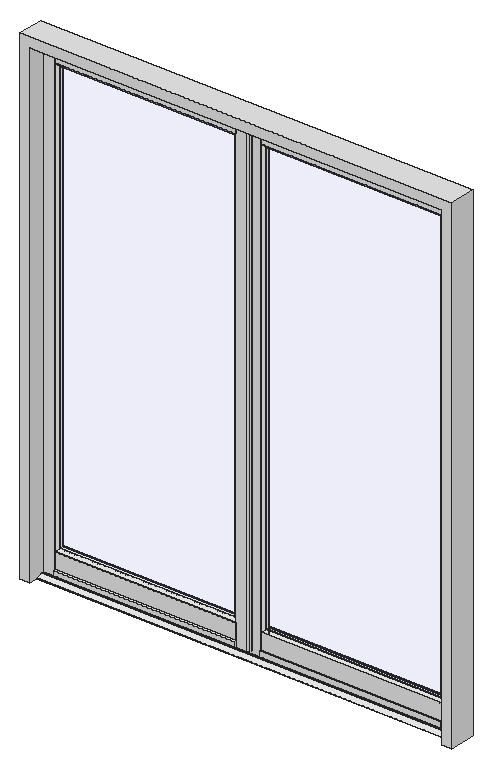
Revit family "kawneer-190-pr-frt-01_17312", category Doors, host Wall, Revit 2015
Parameters (values of type "(2)3' x 7' B.R. 3 7/8"")
  URL = "http://www.kawneer.com/kawneer/north_america/en/product.asp?cat_id=1339&prod_id=1816"
  Type Comments = "OFFSET PIVOT / BUTT HUNG"
  Thickness = 0' - 1 3/4"
  Rough Width = Width + 0' 4"  # 3' - 4"
  Rough Height = Height + 0' 2"  # 7' - 2"
  Product data url = "https://bimobject.com/kawneerna/product/16342"
  Operation = ""
  Opening Width = Width * 2  # 6' - 0"
  Model = "Pair 190 Narrow Stile Door Front Set B.R. 3 7/8\""
  Manufacturer = "Kawneer"
  Height = 7' - 0"
  Wall Closure = By host
  Width = 3' - 0"
  Function = Interior
  Door Panel = Kawneer - Fluropon_Bone White-391X035
  Door Glazing = Glass
  Door Frame = Kawneer - Fluropon_Bone White-391X035
  Description = "The 190 Narrow Stile Entrance is enginResults in a slim look that meets virtually all construction requirements\r\neered for moderate traffic in applications such as stores, offices and apartment buildings. Vertical stile measures 2-1/8\" (54); top rail 2-1/4\" (57.2) and bottom rail 3-7/8\" (98.4).  "
  Bottom Rail Height = 0' - 3 7/8"
  Assembly Code = "B2030110"
Types (2): name | Model | Bottom Rail Height
  (2)3' x 7' B.R. 3 7/8" | "Pair 190 Narrow Stile Door Front Set B.R. 3 7/8\"" | 0' - 3 7/8"
  (2)3' x 7' B.R. 7 1/2" | "Pair 190 Narrow Stile Door Front Set B.R. 7 1/2\"" | 0' - 7 1/2"
Reference planes (in)
  plane 1: y = 0
  plane 2 "Center": x = 0
  plane 3 "Left": x = -36
  plane 4 "Right": x = 36
  plane 5 "Top": z = 84
  plane 6 "Glass center": y = 1.375
  plane 7: z = 4.5625
  plane 8: z = 0.6875
  plane 9: z = 84
Forms (in)
  Sweep 1, solid, material "Kawneer - Fluropon_Bone White-391X035" <- "Door Frame"
    path origin (-60, 3, 0) x (-1, 0, 0) y (0, 0, 1)
      loop
        line (-96, 0) -> (-96, 84) -> (-24, 84) -> (-24, 0)
    profile origin (0, 0, 42) x (1, 0, 0) y (0, 1, 0)
      loop
        line (38, 2.25) -> (36.25, 2.25) -> (36.25, -2.25) -> (38, -2.25) -> (38, 2.25)
  Extrusion 2, solid, material "Glass" <- "Door Glazing"
    sketch origin (0, 1.375, 0) x (1, 0, 0) y (0, 0, 1)
      loop
        line (34, 4.75) -> (34, 81.3125) -> (2.38178, 81.3125) -> (2.38178, 4.75) -> (34, 4.75)
    from 0 to 0.25
  Extrusion 3, solid, material "Kawneer - Fluropon_Bone White-391X035" <- "Door Panel"
    sketch origin (0, -0.25, 0) x (1, 0, 0) y (0, 1, 0)
      loop
        line (36.15625, 2.375) -> (34.03125, 2.375) -> (34.03125, 2.31012) -> (33.50125, 1.8705) -> (33.50125, 1.77617) -> (33.36756, 1.625) -> (34.03125, 1.625) -> (34.03125, 1.375) -> (33.3687, 1.375) -> (33.50125, 1.22377) -> (33.50125, 1.1295) -> (34.03125, 0.75) -> (34.03125, 0.625) -> (35.87752, 0.625)
        arc (35.87752, 0.625) -> (36.01034, 0.68002) -> (36.06535, 0.81283) r 0.18783
        line (36.06535, 0.81283) -> (36.15625, 2.375)
    from 0.6875 to 84
  Extrusion 4, solid, material "Kawneer - Fluropon_Bone White-391X035" <- "Door Panel"
    sketch origin (0, -0.25, 0) x (-1, 0, 0) y (0, -1, 0)
      loop
        line (36.16231, -2.375) -> (36.16231, -2.32812) -> (36.06415, -0.80831)
        arc (36.06415, -0.80831) -> (36.00961, -0.67664) -> (35.87793, -0.6221) r 0.18622
        line (35.87793, -0.6221) -> (34.03125, -0.6221) -> (34.03125, -0.68988) -> (33.51255, -1.1295) -> (33.51255, -1.22377) -> (33.37999, -1.375) -> (33.85505, -1.375) -> (33.85505, -1.625) -> (33.37886, -1.625) -> (33.51255, -1.77617) -> (33.51255, -1.8705) -> (34.03125, -2.31012) -> (34.03125, -2.375) -> (36.16231, -2.375)
    from 0.6875 to 84
  Extrusion 5, solid, material "Kawneer - Fluropon_Bone White-391X035" <- "Door Panel"
    sketch origin (0, -0.375, 0.15278) x (0, 1, 0) y (0, 0, 1)
      loop
        line (2.5, 0.53472) -> (2.5, 4.40972) -> (2.43512, 4.40972) -> (2.0085, 4.94203) -> (1.94736, 4.94203)
        arc (1.94736, 4.94203) -> (1.82437, 5.0178) -> (1.75, 5.14163) r 0.30526
        line (1.75, 5.14163) -> (1.75, 4.59722) -> (1.5, 4.59722) -> (1.5, 5.14163)
        arc (1.5, 5.14163) -> (1.42562, 5.0178) -> (1.30264, 4.94203) r 0.30526
        line (1.30264, 4.94203) -> (1.2675, 4.94203) -> (0.82596, 4.40972) -> (0.75, 4.40972) -> (0.75, 1.5921) -> (0.51155, 1.52781) -> (0.51155, 0.64322) -> (0.59155, 0.64322) -> (0.71055, 0.41022)
        arc (0.71055, 0.41022) -> (0.74752, 0.3939) -> (0.76384, 0.43087) r 0.02858
        line (0.76384, 0.43087) -> (0.68155, 0.64322) -> (0.75, 0.64322) -> (0.75, 0.53472) -> (0.888, 0.53472) -> (0.888, 1.25347) -> (2.388, 1.25347) -> (2.388, 0.53472) -> (2.5, 0.53472)
      loop
        line (0.901, 1.37847) -> (2.375, 1.37847) -> (2.375, 3.91072)
        arc (2.375, 3.91072) -> (2.25594, 3.92859) -> (2.201, 4.03572) r 0.1319
        line (2.201, 4.03572) -> (2.201, 4.22222) -> (1.075, 4.22222) -> (1.075, 4.03572)
        arc (1.075, 4.03572) -> (1.02006, 3.92859) -> (0.901, 3.91072) r 0.1319
        line (0.901, 3.91072) -> (0.901, 1.37847)
    from 2.19428 to 34.03125
  Extrusion 6, solid, material "Kawneer - Fluropon_Bone White-391X035" <- "Door Frame", detail levels medium+fine
    sketch origin (0, -0.375, 0) x (0, 1, 0) y (0, 0, 1)
      loop
        line (2.40824, 0.342) -> (2.82032, 0.342) -> (3.31016, 0.1166)
        arc (3.31016, 0.1166) -> (3.33645, 0.09372) -> (3.34624, 0.06027) r 0.062
        line (3.34624, 0.06027) -> (3.34624, 0) -> (3.62824, 0) -> (3.62824, 0.10205)
        arc (3.62824, 0.10205) -> (3.62318, 0.11931) -> (3.60962, 0.13112) r 0.032
        line (3.60962, 0.13112) -> (2.80798, 0.5) -> (2.67111, 0.5)
        arc (2.67111, 0.5) -> (2.63911, 0.468) -> (2.60711, 0.5) r 0.032
        line (2.60711, 0.5) -> (2.45311, 0.5)
        arc (2.45311, 0.5) -> (2.42111, 0.468) -> (2.38911, 0.5) r 0.032
        line (2.38911, 0.5) -> (2.25324, 0.5) -> (2.25324, 0.45) -> (1.00324, 0.45) -> (1.00324, 0.5) -> (0.86737, 0.5)
        arc (0.86737, 0.5) -> (0.83537, 0.468) -> (0.80337, 0.5) r 0.032
        line (0.80337, 0.5) -> (0.64937, 0.5)
        arc (0.64937, 0.5) -> (0.61737, 0.468) -> (0.58537, 0.5) r 0.032
        line (0.58537, 0.5) -> (0.4485, 0.5) -> (-0.35314, 0.13112)
        arc (-0.35314, 0.13112) -> (-0.36671, 0.11931) -> (-0.37176, 0.10205) r 0.032
        line (-0.37176, 0.10205) -> (-0.37176, 0) -> (-0.08976, 0) -> (-0.08976, 0.06027)
        arc (-0.08976, 0.06027) -> (-0.07997, 0.09372) -> (-0.05368, 0.1166) r 0.062
        line (-0.05368, 0.1166) -> (0.43616, 0.342) -> (0.84724, 0.342) -> (0.84724, 0.28492) -> (2.40824, 0.28492) -> (2.40824, 0.342)
    from -38 to 36.25
  Extrusion 7, solid, material "Kawneer - Fluropon_Bone White-391X035" <- "Door Panel"
    sketch origin (0, 1.25, 0) x (1, 0, 0) y (0, 1, 0)
      loop
        arc (0.22766, 0.875) -> (0.12658, 0.56805) -> (0.06928, 0.25) r 2.3125
        line (0.06928, 0.25) -> (0.25578, 0.25)
        arc (0.25578, 0.25) -> (0.31928, 0.312) -> (0.38178, 0.249) r 0.063
        line (0.38178, 0.249) -> (0.38178, -0.249)
        arc (0.38178, -0.249) -> (0.31928, -0.312) -> (0.25578, -0.25) r 0.063
        line (0.25578, -0.25) -> (0.06928, -0.25)
        arc (0.06928, -0.25) -> (0.12658, -0.56805) -> (0.22765, -0.875) r 2.3125
        line (0.22765, -0.875) -> (2.19428, -0.875) -> (2.19428, -0.81012) -> (2.72428, -0.3705) -> (2.72428, -0.30936)
        arc (2.72428, -0.30936) -> (2.78739, -0.19967) -> (2.88956, -0.125) r 0.30526
        line (2.88956, -0.125) -> (2.38178, -0.125) -> (2.38178, 0.125) -> (2.88956, 0.125)
        arc (2.88956, 0.125) -> (2.78739, 0.19967) -> (2.72428, 0.30936) r 0.30526
        line (2.72428, 0.30936) -> (2.72428, 0.3705) -> (2.19428, 0.81012) -> (2.19428, 0.875) -> (0.22766, 0.875)
    from 0.6875 to 84
  Extrusion 8, solid, material "Glass" <- "Door Glazing"
    sketch origin (0, 1.375, 0) x (-1, 0, 0) y (0, 0, -1)
      loop
        line (33.84375, -4.75) -> (2.38178, -4.75) -> (2.38178, -81.3125) -> (33.84375, -81.3125) -> (33.84375, -4.75)
    from 0 to 0.25
  Extrusion 9, solid, material "Kawneer - Fluropon_Bone White-391X035" <- "Door Panel"
    sketch origin (0, -0.375, 0.15278) x (0, 1, 0) y (0, 0, -1)
      loop
        line (2.5, -0.53472) -> (2.388, -0.53472) -> (2.388, -1.25347) -> (0.888, -1.25347) -> (0.888, -0.53472) -> (0.75, -0.53472) -> (0.75, -0.64322) -> (0.68155, -0.64322) -> (0.76384, -0.43087)
        arc (0.76384, -0.43087) -> (0.74752, -0.3939) -> (0.71055, -0.41022) r 0.02858
        line (0.71055, -0.41022) -> (0.59155, -0.64322) -> (0.51155, -0.64322) -> (0.51155, -1.52781) -> (0.75, -1.5921) -> (0.75, -4.40972) -> (0.82596, -4.40972) -> (1.2675, -4.94203) -> (1.30264, -4.94203)
        arc (1.30264, -4.94203) -> (1.42562, -5.0178) -> (1.5, -5.14163) r 0.30526
        line (1.5, -5.14163) -> (1.5, -4.59722) -> (1.75, -4.59722) -> (1.75, -5.14163)
        arc (1.75, -5.14163) -> (1.82437, -5.0178) -> (1.94736, -4.94203) r 0.30526
        line (1.94736, -4.94203) -> (2.0085, -4.94203) -> (2.43512, -4.40972) -> (2.5, -4.40972) -> (2.5, -0.53472)
      loop
        line (0.901, -1.37847) -> (0.901, -3.91072)
        arc (0.901, -3.91072) -> (1.02006, -3.92859) -> (1.075, -4.03572) r 0.1319
        line (1.075, -4.03572) -> (1.075, -4.22222) -> (2.201, -4.22222) -> (2.201, -4.03572)
        arc (2.201, -4.03572) -> (2.25594, -3.92859) -> (2.375, -3.91072) r 0.1319
        line (2.375, -3.91072) -> (2.375, -1.37847) -> (0.901, -1.37847)
    from 2.19428 to 34.03125
  Extrusion 10, solid, material "Kawneer - Fluropon_Bone White-391X035" <- "Door Panel"
    sketch origin (0, 1.25, 0) x (-1, 0, 0) y (0, -1, 0)
      loop
        line (0.22766, -0.875) -> (2.19428, -0.875) -> (2.19428, -0.81012) -> (2.72428, -0.3705) -> (2.72428, -0.30936)
        arc (2.72428, -0.30936) -> (2.78739, -0.19967) -> (2.88956, -0.125) r 0.30526
        line (2.88956, -0.125) -> (2.38178, -0.125) -> (2.38178, 0.125) -> (2.88956, 0.125)
        arc (2.88956, 0.125) -> (2.78739, 0.19967) -> (2.72428, 0.30936) r 0.30526
        line (2.72428, 0.30936) -> (2.72428, 0.3705) -> (2.19428, 0.81012) -> (2.19428, 0.875) -> (0.22765, 0.875)
        arc (0.22765, 0.875) -> (0.12658, 0.56805) -> (0.06928, 0.25) r 2.3125
        line (0.06928, 0.25) -> (0.25578, 0.25)
        arc (0.25578, 0.25) -> (0.31928, 0.312) -> (0.38178, 0.249) r 0.063
        line (0.38178, 0.249) -> (0.38178, -0.249)
        arc (0.38178, -0.249) -> (0.31928, -0.312) -> (0.25578, -0.25) r 0.063
        line (0.25578, -0.25) -> (0.06928, -0.25)
        arc (0.06928, -0.25) -> (0.12658, -0.56805) -> (0.22766, -0.875) r 2.3125
    from 0.6875 to 84
  Extrusion 11, solid, material "Kawneer - Fluropon_Bone White-391X035" <- "Door Panel"
    sketch origin (0, -0.125, 23.875) x (0, 1, 0) y (0, 0, 1)
      loop
        line (0.5, 60.125) -> (0.5, 57.625) -> (0.56516, 57.625) -> (1.00479, 57.095) -> (1.09862, 57.095) -> (1.25, 56.96232) -> (1.25, 57.4375) -> (1.49999, 57.4375) -> (1.49999, 56.94982) -> (1.65117, 57.095) -> (1.74715, 57.095) -> (2.18677, 57.625) -> (2.25, 57.625) -> (2.25, 60.125) -> (2.18512, 60.125) -> (2.18512, 59.25) -> (0.56488, 59.25) -> (0.56488, 60.125) -> (0.5, 60.125)
    from 2.19428 to 34.03125
  Extrusion 12, solid, material "Kawneer - Fluropon_Bone White-391X035" <- "Door Panel"
    sketch origin (0, -0.125, 23.875) x (0, 1, 0) y (0, 0, -1)
      loop
        line (0.5, -60.125) -> (0.56488, -60.125) -> (0.56488, -59.25) -> (2.18512, -59.25) -> (2.18512, -60.125) -> (2.25, -60.125) -> (2.25, -57.625) -> (2.18677, -57.625) -> (1.74715, -57.095) -> (1.65117, -57.095) -> (1.49999, -56.94982) -> (1.49999, -57.4375) -> (1.25, -57.4375) -> (1.25, -56.96232) -> (1.09862, -57.095) -> (1.00479, -57.095) -> (0.56516, -57.625) -> (0.5, -57.625) -> (0.5, -60.125)
    from 2.19428 to 34.03125
Lines and regions (in)
  Opening 1
    outline origin (-90, -3, 0) x (1, 0, 0) y (0, 0, 1)
      loop
        line (52, 0) -> (128, 0) -> (128, 86) -> (52, 86) -> (52, 0)
  symbolic lines, style "Elevation Swing"
    curve 1: line (-0.38178, 3, 0.6875) -> (-36, 3, 42)
    curve 2: line (-36, 3, 42) -> (-0.22766, 3, 84.125)
    curve 10: line (0.38178, 3, 0.6875) -> (36, 3, 42)
    curve 11: line (36, 3, 42) -> (0.22766, 3, 84.125)
  symbolic lines
    curve 3: line (-36, 2.25, 0) -> (-34.25, 2.25, 0)
    curve 4: line (-36, 38.25, 0) -> (-36, 2.25, 0)
    curve 5: line (-34.25, 38.25, 0) -> (-36, 38.25, 0)
    curve 6: line (-34.25, 2.25, 0) -> (-34.25, 38.25, 0)
    curve 7: arc (-36, 38.25, 0) -> (-10.54416, 27.70584, 0) -> (0, 2.25, 0) r 36
    curve 12: line (36, 2.25, 0) -> (34.25, 2.25, 0)
    curve 13: line (36, 39.5, 0) -> (36, 2.25, 0)
    curve 14: line (34.25, 39.5, 0) -> (36, 39.5, 0)
    curve 15: line (34.25, 2.25, 0) -> (34.25, 39.5, 0)
    curve 16: arc (36, 39.5, 0) -> (10.54416, 28.95584, 0) -> (0, 3.5, 0) r 36
  model lines
    curve 8: line (0.06928, 0.05443, 0) -> (-0.06928, 0.05443, 0)
    curve 9: line (-0.06928, 0.05443, 0) -> (0.06928, 0.05443, 0)
Text (in)
  text "Exterior" at (-58.67754, 27.31104, 0), in view "Floor Line"
  text "Interior" at (-58.34764, -25.14366, 0), in view "Floor Line"
  text "Exterior" at (0, 40.15149, 123.01588), in view "Right"
  text "Interior" at (0, -64.39139, 123.01588), in view "Right"
  text "Interior" at (0, -31.01599, 123.00693), in view "Left"
  text "Exterior" at (0, 54.57065, 123.00693), in view "Left"
Dimensions and locks (in)
  equal spacing: plane 3 "Left", plane 2 "Center", plane 4 "Right"
  "Height": level to plane 5 "Top"
  "Opening Width": plane 3 "Left" to plane 4 "Right"
  equal spacing: host wall, curve 2, plane 5 "Top"
  locked: plane 4 "Right" to Opening 1 sketch curve at 2
  locked: Opening 1 sketch curve to plane 3 "Left" at 2
  locked: plane 5 "Top" to Opening 1 sketch curve at 2
  locked: Sweep 1 sketch curve to Sweep 1 sketch curve at 4.5
  locked: profile plane to Sweep 1 sketch curve at 2
  "Width": curve 5 to Sweep 1
  "Thickness": plane 3 "Left" to curve 6
  locked: Extrusion 5 to Sweep 1 at 2.21875
  locked: Sweep 1 to Sweep 1 at 1.75  (x2)
  locked: plane 8 to level at 0.6875
  "Bottom Rail Height": plane 7 to plane 8
  equal spacing: Sweep 1 sketch curve, host wall, Sweep 1 sketch curve
  plane 9 to Sweep 1 = 0' - 0 1/4"
  locked: Extrusion 11 sketch curve to Extrusion 11 sketch curve at 1.75
  Extrusion 11 sketch curve to Extrusion 11 sketch curve to Extrusion 11 sketch curve = 0' - 2 1/2" locked, 0' - 0.66269" locked
  locked: Extrusion 12 sketch curve to Extrusion 12 sketch curve at 1.75
  Extrusion 12 sketch curve to Extrusion 12 sketch curve to Extrusion 12 sketch curve = 0' - 0.66269" locked, 0' - 2 1/2" locked
  locked: Sweep 1 to Extrusion 4 sketch curve at 0.08769
  locked: Extrusion 4 to plane 3 "Left" at 1.96875
  aligned and locked: Opening 1 sketch curve to level
  aligned and locked: plane 3 "Left" to curve 1
  aligned and locked: Extrusion 4 to Extrusion 2
  aligned and locked: Extrusion 2 to Extrusion 4
  aligned and locked: Extrusion 4 to Extrusion 3
  aligned and locked: plane 4 "Right" to Sweep 1 sketch curve
  aligned and locked: Sweep 1 sketch curve to plane 3 "Left"
  aligned and locked: plane 5 "Top" to Sweep 1 sketch curve
  aligned and locked: plane 7 to Extrusion 5 sketch curve  (x2)
  aligned and locked: Extrusion 2 to Extrusion 5
  aligned and locked: plane 8 to Extrusion 5
  aligned and locked: Extrusion 6 to Sweep 1  (x2)
  aligned and locked: Extrusion 2 to Extrusion 7
  aligned and locked: Extrusion 7 to plane 8
  aligned and locked: Extrusion 5 to Extrusion 7
  aligned and locked: Extrusion 9 to Extrusion 8
  aligned and locked: Extrusion 10 to Extrusion 8
  aligned and locked: Extrusion 10 to Extrusion 9
  aligned and locked: curve 2 to Extrusion 10
  aligned and locked: Extrusion 10 to curve 1
  aligned and locked: Extrusion 3 to plane 8
  aligned and locked: Extrusion 5 to Extrusion 3
  aligned and locked: Extrusion 3 to Extrusion 3
  aligned and locked: Extrusion 3 to plane 9
  aligned and locked: Extrusion 7 to plane 9
  aligned and locked: Extrusion 10 to plane 9
  aligned and locked: plane 9 to plane 5 "Top"
  aligned and locked: Extrusion 11 sketch curve to Extrusion 11 sketch curve  (x2)
  aligned and locked: Extrusion 12 sketch curve to Extrusion 12 sketch curve  (x2)
  aligned and locked: Extrusion 2 to Extrusion 11
  aligned and locked: Extrusion 8 to Extrusion 2
  aligned and locked: Extrusion 11 to Extrusion 3
  aligned and locked: Extrusion 4 sketch curve to Extrusion 4 sketch curve
  aligned and locked: Extrusion 12 to Extrusion 4
  aligned and locked: Extrusion 9 to Extrusion 4
Automatic sketch dimensions
  curve 3 to plane 3 "Left" = 0' - 0"
  curve 7 to plane 2 "Center" = 0' - 0"
  curve 3 to plane 6 "Glass center" = 0' - 0 7/8"
  curve 1 to plane 8 = 0' - 0"
  curve 2 to plane 5 "Top" = 0' - 0 1/8"
  Sweep 1 sketch curve to level = 0' - 0"  (x2)
  Sweep 1 sketch curve to profile plane = 0' - 0 1/4"
  plane 7 to Extrusion 2 sketch curve = 0' - 0 3/16"
  plane 2 "Center" to Extrusion 2 sketch curve = 0' - 2.38178"
  plane 4 "Right" to Extrusion 2 sketch curve = 0' - 2"
  plane 5 "Top" to Extrusion 2 sketch curve = 0' - 2 11/16"
  Extrusion 3 sketch curve to plane 6 "Glass center" = 0' - 0"
  plane 4 "Right" to Extrusion 3 sketch curve = 0' - 2.63244"
  Extrusion 3 sketch curve to host wall = 0' - 1 1/8"
  Extrusion 3 sketch curve to Extrusion 3 sketch curve = 0' - 0.00113"
  Extrusion 3 sketch curve to host wall = 0' - 0.8795"
  Extrusion 3 sketch curve to Extrusion 3 sketch curve = 0' - 0.13256"
  Extrusion 3 sketch curve to plane 6 "Glass center" = 0' - 0.2455"
  Extrusion 3 sketch curve to Extrusion 3 sketch curve = 0' - 0.13369"
  Extrusion 3 sketch curve to Extrusion 3 sketch curve = 0' - 0.53"  (x2)
  Extrusion 3 sketch curve to Extrusion 3 sketch curve = 0' - 0"
  plane 4 "Right" to Extrusion 3 sketch curve = 0' - 0.12248"
  Extrusion 3 sketch curve to plane 4 "Right" = 0' - 0.06535"
  Extrusion 3 sketch curve to plane 4 "Right" = 0' - 0 5/32"
  Extrusion 3 sketch curve to host wall = 0' - 0.56283"
  Extrusion 3 sketch curve to Extrusion 3 sketch curve = 0' - 0 1/8"
  Extrusion 3 sketch curve to Extrusion 3 sketch curve = 0' - 0.09427"
  Extrusion 3 sketch curve to Extrusion 3 sketch curve = 0' - 0.09433"
  Extrusion 3 sketch curve to Extrusion 3 sketch curve = 0' - 0.68512"
  Extrusion 3 sketch curve to Extrusion 3 sketch curve = 0' - 0.06488"
  Extrusion 5 sketch curve to plane 8 = 0' - 0"  (x2)
  Extrusion 5 sketch curve to plane 6 "Glass center" = 0' - 0"
  Extrusion 5 sketch curve to host wall = 0' - 1 1/8"
  Extrusion 5 sketch curve to Extrusion 5 sketch curve = 0' - 0.19736"
  Extrusion 5 sketch curve to Extrusion 5 sketch curve = 0' - 0 9/256"
  Extrusion 5 sketch curve to Extrusion 5 sketch curve = 0' - 0.05894"
  Extrusion 5 sketch curve to host wall = 0' - 0.7"
  Extrusion 5 sketch curve to Extrusion 5 sketch curve = 0' - 0.1319"  (x2)
  Extrusion 5 sketch curve to Extrusion 5 sketch curve = 0' - 0.0421"  (x2)
  Extrusion 5 sketch curve to Extrusion 5 sketch curve = 0' - 0.013"
  Extrusion 5 sketch curve to Extrusion 5 sketch curve = 0' - 0.24904"
  Extrusion 5 sketch curve to plane 8 = 0' - 0.10384"
  Extrusion 5 sketch curve to Extrusion 5 sketch curve = 0' - 0.12416"
  Extrusion 5 sketch curve to Extrusion 5 sketch curve = 0' - 0.01384"
  Extrusion 5 sketch curve to Extrusion 5 sketch curve = 0' - 0.07596"
  Extrusion 5 sketch curve to Extrusion 5 sketch curve = 0' - 0.02665"  (x2)
  Extrusion 5 sketch curve to plane 8 = 0' - 0.1245"
  Extrusion 5 sketch curve to Extrusion 5 sketch curve = 0' - 0.06845"
  plane 8 to Extrusion 5 sketch curve = 0' - 0.1085"
  Extrusion 5 sketch curve to Extrusion 5 sketch curve = 0' - 0.09"
  Extrusion 5 sketch curve to Extrusion 5 sketch curve = 0' - 0.23845"
  Extrusion 5 sketch curve to plane 6 "Glass center" = 0' - 0.19736"
  Extrusion 5 sketch curve to Extrusion 5 sketch curve = 0' - 0.06114"
  Extrusion 5 sketch curve to plane 6 "Glass center" = 0' - 0.29144"
  Extrusion 5 sketch curve to plane 6 "Glass center" = 0' - 0.451"
  Extrusion 5 sketch curve to plane 6 "Glass center" = 0' - 0.638"
  Extrusion 5 sketch curve to Extrusion 5 sketch curve = 0' - 0.23412"
  Extrusion 5 sketch curve to Extrusion 5 sketch curve = 0' - 0.06488"
  Extrusion 5 sketch curve to Extrusion 5 sketch curve = 0' - 0"  (x2)
  Extrusion 5 sketch curve to Extrusion 5 sketch curve = 0' - 0 23/32"
  Extrusion 5 sketch curve to Extrusion 5 sketch curve = 0' - 0 1/8"
  Extrusion 5 sketch curve to Extrusion 5 sketch curve = 0' - 0.14935"
  Extrusion 5 sketch curve to Extrusion 5 sketch curve = 0' - 0.06429"
  Extrusion 5 sketch curve to plane 7 = 0' - 0.499"  (x2)
  Extrusion 5 sketch curve to Extrusion 5 sketch curve = 0' - 0.1865"
  plane 7 to Extrusion 5 sketch curve = 0' - 0 3/16"
  Extrusion 5 sketch curve to Extrusion 5 sketch curve = 0' - 0.34482"  (x2)
  Extrusion 5 sketch curve to Extrusion 5 sketch curve = 0' - 0.1996"
  Extrusion 6 sketch curve to level = 0' - 0"  (x2)
  level to Extrusion 6 sketch curve = 0' - 0.10205"  (x2)
  Extrusion 6 sketch curve to host wall = 0' - 2.25324"
  level to Extrusion 6 sketch curve = 0' - 0.13112"
  Extrusion 6 sketch curve to Extrusion 6 sketch curve = 0' - 0.01862"
  level to Extrusion 6 sketch curve = 0' - 0.06027"  (x2)
  Extrusion 6 sketch curve to Extrusion 6 sketch curve = 0' - 0 1/4"  (x2)
  level to Extrusion 6 sketch curve = 0' - 0.1166"
  Extrusion 6 sketch curve to Extrusion 6 sketch curve = 0' - 0.03608"
  level to Extrusion 6 sketch curve = 0' - 0.342"  (x2)
  Extrusion 6 sketch curve to Extrusion 6 sketch curve = 0' - 0.48984"
  Extrusion 6 sketch curve to plane 8 = 0' - 0 3/16"
  Extrusion 6 sketch curve to Extrusion 6 sketch curve = 0' - 0.01233"  (x2)
  Extrusion 6 sketch curve to Extrusion 6 sketch curve = 0' - 0.13687"  (x2)
  Extrusion 6 sketch curve to Extrusion 6 sketch curve = 0' - 0.032"  (x5)
  Extrusion 6 sketch curve to Extrusion 6 sketch curve = 0' - 0.154"  (x2)
  Extrusion 6 sketch curve to Extrusion 6 sketch curve = 0' - 0.01187"
  Extrusion 6 sketch curve to Extrusion 6 sketch curve = 0' - 0.13587"  (x2)
  Extrusion 6 sketch curve to plane 8 = 0' - 0.2375"
  Extrusion 6 sketch curve to plane 6 "Glass center" = 0' - 0.50324"
  Extrusion 6 sketch curve to Extrusion 6 sketch curve = 0' - 0.01913"
  Extrusion 6 sketch curve to Extrusion 6 sketch curve = 0' - 0.46392"
  Extrusion 6 sketch curve to Extrusion 6 sketch curve = 0' - 0.02592"
  Extrusion 6 sketch curve to Extrusion 6 sketch curve = 0' - 0.062"
  Extrusion 6 sketch curve to Extrusion 6 sketch curve = 0' - 0.01338"
  Extrusion 6 sketch curve to Extrusion 6 sketch curve = 0' - 0.05708"
  Extrusion 6 sketch curve to Extrusion 6 sketch curve = 0' - 0.05"
  curve 16 to plane 2 "Center" = 0' - 0"
  curve 12 to plane 4 "Right" = 0' - 0"
  curve 9 to plane 2 "Center" = 0' - 0.06928"
  curve 8 to curve 9 = 0' - 0"  (x2)
  plane 2 "Center" to curve 9 = 0' - 0.06928"
  plane 4 "Right" to curve 12 = 0' - 1 3/4"
  curve 8 to host wall = 0' - 0.05443"
  curve 9 to curve 8 = 0' - 0"
  curve 12 to plane 6 "Glass center" = 0' - 0 7/8"
  host wall to curve 16 = 0' - 0 1/2"
  Extrusion 7 sketch curve to Extrusion 7 sketch curve = 0' - 0"  (x3)
  Extrusion 7 sketch curve to host wall = 0' - 1 1/4"
  Extrusion 7 sketch curve to plane 6 "Glass center" = 0' - 0"
  plane 2 "Center" to Extrusion 7 sketch curve = 0' - 0.06928"  (x2)
  plane 2 "Center" to Extrusion 7 sketch curve = 0' - 0.22765"
  plane 2 "Center" to Extrusion 7 sketch curve = 0' - 0.22766"
  Extrusion 7 sketch curve to Extrusion 7 sketch curve = 0' - 0.18651"  (x2)
  Extrusion 7 sketch curve to Extrusion 7 sketch curve = 0' - 0.06299"  (x2)
  Extrusion 7 sketch curve to Extrusion 7 sketch curve = 0' - 0.063"
  Extrusion 7 sketch curve to plane 6 "Glass center" = 0' - 0.68512"
  Extrusion 7 sketch curve to Extrusion 7 sketch curve = 0' - 1 13/16"
  Extrusion 7 sketch curve to host wall = 0' - 0.43988"
  Extrusion 7 sketch curve to Extrusion 7 sketch curve = 0' - 0.17395"
  Extrusion 7 sketch curve to Extrusion 7 sketch curve = 0' - 0.01355"
  Extrusion 7 sketch curve to Extrusion 7 sketch curve = 0' - 0.3425"  (x2)
  Extrusion 7 sketch curve to plane 6 "Glass center" = 0' - 0.18436"
  Extrusion 7 sketch curve to Extrusion 7 sketch curve = 0' - 0.16528"  (x2)
  Extrusion 7 sketch curve to host wall = 0' - 1 1/8"
  Extrusion 7 sketch curve to Extrusion 7 sketch curve = 0' - 0.2904"
  Extrusion 7 sketch curve to plane 6 "Glass center" = 0' - 0.27844"
  Extrusion 7 sketch curve to host wall = 0' - 0 3/8"
  Extrusion 7 sketch curve to Extrusion 7 sketch curve = 0' - 0.27844"
  Extrusion 7 sketch curve to Extrusion 7 sketch curve = 0' - 0.06114"  (x2)
  Extrusion 7 sketch curve to plane 6 "Glass center" = 0' - 0.124"
  Extrusion 8 sketch curve to plane 7 = 0' - 0 3/16"
  plane 2 "Center" to Extrusion 8 sketch curve = 0' - 2.38178"
  plane 3 "Left" to Extrusion 8 sketch curve = 0' - 2 5/32"
  Extrusion 8 sketch curve to plane 5 "Top" = 0' - 2 11/16"
  Extrusion 9 sketch curve to plane 7 = 0' - 0"  (x2)
  Extrusion 9 sketch curve to plane 8 = 0' - 0"  (x2)
  Extrusion 9 sketch curve to plane 6 "Glass center" = 0' - 0"
  Extrusion 9 sketch curve to host wall = 0' - 1 1/8"
  Extrusion 9 sketch curve to Extrusion 9 sketch curve = 0' - 0.19736"
  Extrusion 9 sketch curve to Extrusion 9 sketch curve = 0' - 0 9/256"
  Extrusion 9 sketch curve to Extrusion 9 sketch curve = 0' - 0.05894"
  Extrusion 9 sketch curve to host wall = 0' - 0.7"
  Extrusion 9 sketch curve to Extrusion 9 sketch curve = 0' - 0.1319"  (x2)
  Extrusion 9 sketch curve to Extrusion 9 sketch curve = 0' - 0.0421"  (x2)
  Extrusion 9 sketch curve to Extrusion 9 sketch curve = 0' - 0.013"
  Extrusion 9 sketch curve to Extrusion 9 sketch curve = 0' - 0.24904"
  Extrusion 9 sketch curve to plane 8 = 0' - 0.10384"
  Extrusion 9 sketch curve to Extrusion 9 sketch curve = 0' - 0.12416"
  Extrusion 9 sketch curve to Extrusion 9 sketch curve = 0' - 0.01384"
  Extrusion 9 sketch curve to Extrusion 9 sketch curve = 0' - 0.07596"
  Extrusion 9 sketch curve to Extrusion 9 sketch curve = 0' - 0.02665"  (x2)
  Extrusion 9 sketch curve to plane 8 = 0' - 0.1245"
  Extrusion 9 sketch curve to Extrusion 9 sketch curve = 0' - 0.06845"
  plane 8 to Extrusion 9 sketch curve = 0' - 0.1085"  (x2)
  Extrusion 9 sketch curve to Extrusion 9 sketch curve = 0' - 0.09"
  Extrusion 9 sketch curve to Extrusion 9 sketch curve = 0' - 0.23845"
  Extrusion 9 sketch curve to plane 6 "Glass center" = 0' - 0.19736"
  Extrusion 9 sketch curve to Extrusion 9 sketch curve = 0' - 0.06114"
  Extrusion 9 sketch curve to plane 6 "Glass center" = 0' - 0.29144"
  Extrusion 9 sketch curve to plane 6 "Glass center" = 0' - 0.451"
  Extrusion 9 sketch curve to plane 6 "Glass center" = 0' - 0.638"
  Extrusion 9 sketch curve to Extrusion 9 sketch curve = 0' - 0.23412"
  Extrusion 9 sketch curve to Extrusion 9 sketch curve = 0' - 0.06488"
  plane 7 to Extrusion 9 sketch curve = 0' - 0 3/16"
  Extrusion 9 sketch curve to Extrusion 9 sketch curve = 0' - 0.34482"  (x2)
  Extrusion 9 sketch curve to Extrusion 9 sketch curve = 0' - 0.1996"
  Extrusion 9 sketch curve to Extrusion 9 sketch curve = 0' - 0"
  Extrusion 9 sketch curve to plane 7 = 0' - 0 3/16"
  Extrusion 9 sketch curve to Extrusion 9 sketch curve = 0' - 0.1865"  (x2)
  Extrusion 9 sketch curve to Extrusion 9 sketch curve = 0' - 0.94889"
  Extrusion 9 sketch curve to Extrusion 9 sketch curve = 0' - 0.06429"
  plane 8 to Extrusion 9 sketch curve = 0' - 0 27/32"
  Extrusion 9 sketch curve to Extrusion 9 sketch curve = 0' - 0 1/8"
  Extrusion 10 sketch curve to Extrusion 10 sketch curve = 0' - 0"  (x3)
  host wall to Extrusion 10 sketch curve = 0' - 1 1/4"
  Extrusion 10 sketch curve to plane 6 "Glass center" = 0' - 0"
  plane 2 "Center" to Extrusion 10 sketch curve = 0' - 0.06928"  (x2)
  plane 2 "Center" to Extrusion 10 sketch curve = 0' - 0.22765"
  plane 2 "Center" to Extrusion 10 sketch curve = 0' - 0.22766"
  Extrusion 10 sketch curve to Extrusion 10 sketch curve = 0' - 0.18651"  (x2)
  Extrusion 10 sketch curve to Extrusion 10 sketch curve = 0' - 0.06299"  (x2)
  Extrusion 10 sketch curve to Extrusion 10 sketch curve = 0' - 0.063"
  plane 6 "Glass center" to Extrusion 10 sketch curve = 0' - 0.68512"
  Extrusion 10 sketch curve to Extrusion 10 sketch curve = 0' - 1 13/16"
  host wall to Extrusion 10 sketch curve = 0' - 0.43988"
  Extrusion 10 sketch curve to Extrusion 10 sketch curve = 0' - 0.17395"
  Extrusion 10 sketch curve to Extrusion 10 sketch curve = 0' - 0.01355"
  Extrusion 10 sketch curve to Extrusion 10 sketch curve = 0' - 0.3425"  (x2)
  plane 6 "Glass center" to Extrusion 10 sketch curve = 0' - 0.18436"
  Extrusion 10 sketch curve to Extrusion 10 sketch curve = 0' - 0.16528"  (x2)
  host wall to Extrusion 10 sketch curve = 0' - 1 1/8"
  Extrusion 10 sketch curve to Extrusion 10 sketch curve = 0' - 0.2904"
  plane 6 "Glass center" to Extrusion 10 sketch curve = 0' - 0.27844"
  host wall to Extrusion 10 sketch curve = 0' - 0 3/8"
  Extrusion 10 sketch curve to Extrusion 10 sketch curve = 0' - 0.27844"
  Extrusion 10 sketch curve to Extrusion 10 sketch curve = 0' - 0.06114"  (x2)
  plane 6 "Glass center" to Extrusion 10 sketch curve = 0' - 0.124"
  curve 10 to plane 4 "Right" = 0' - 0"
  curve 10 to plane 8 = 0' - 0"
  plane 2 "Center" to curve 10 = 0' - 0.38178"
  plane 2 "Center" to curve 11 = 0' - 0.22766"
  plane 7 to curve 11 = 3' - 1 7/16"
  curve 11 to plane 5 "Top" = 0' - 0 1/8"
  Extrusion 11 sketch curve to plane 5 "Top" = 0' - 0"
  plane 6 "Glass center" to Extrusion 11 sketch curve = 0' - 1"
  Extrusion 11 sketch curve to Extrusion 11 sketch curve = 0' - 0.06488"  (x2)
  Extrusion 11 sketch curve to Extrusion 11 sketch curve = 0' - 0.06517"
  Extrusion 11 sketch curve to Extrusion 11 sketch curve = 0' - 0.43962"
  Extrusion 11 sketch curve to Extrusion 11 sketch curve = 0' - 0.09383"
  Extrusion 11 sketch curve to Extrusion 11 sketch curve = 0' - 0.15138"
  Extrusion 11 sketch curve to Extrusion 11 sketch curve = 0' - 0 1/4"
  Extrusion 11 sketch curve to Extrusion 11 sketch curve = 0' - 0.15117"
  Extrusion 11 sketch curve to Extrusion 11 sketch curve = 0' - 0.09598"
  Extrusion 11 sketch curve to Extrusion 11 sketch curve = 0' - 0.06323"
  Extrusion 11 sketch curve to Extrusion 11 sketch curve = 0' - 0.0125"
  Extrusion 11 sketch curve to Extrusion 11 sketch curve = 0' - 0.13269"
  Extrusion 11 sketch curve to Extrusion 11 sketch curve = 0' - 0.14518"
  Extrusion 11 sketch curve to Extrusion 11 sketch curve = 0' - 0.3425"
  plane 5 "Top" to Extrusion 11 sketch curve = 0' - 0 7/8"
  Extrusion 12 sketch curve to plane 5 "Top" = 0' - 0"
  plane 6 "Glass center" to Extrusion 12 sketch curve = 0' - 1"
  Extrusion 12 sketch curve to Extrusion 12 sketch curve = 0' - 0.06488"  (x2)
  Extrusion 12 sketch curve to Extrusion 12 sketch curve = 0' - 0.06517"
  Extrusion 12 sketch curve to Extrusion 12 sketch curve = 0' - 0.43962"
  Extrusion 12 sketch curve to Extrusion 12 sketch curve = 0' - 0.09383"
  Extrusion 12 sketch curve to Extrusion 12 sketch curve = 0' - 0.15138"
  Extrusion 12 sketch curve to Extrusion 12 sketch curve = 0' - 0 1/4"
  Extrusion 12 sketch curve to Extrusion 12 sketch curve = 0' - 0.15117"
  Extrusion 12 sketch curve to Extrusion 12 sketch curve = 0' - 0.09598"
  Extrusion 12 sketch curve to Extrusion 12 sketch curve = 0' - 0.06323"
  plane 5 "Top" to Extrusion 12 sketch curve = 0' - 0 7/8"
  Extrusion 12 sketch curve to Extrusion 12 sketch curve = 0' - 0.47519"
  Extrusion 12 sketch curve to Extrusion 12 sketch curve = 0' - 0.13269"
  Extrusion 12 sketch curve to Extrusion 12 sketch curve = 0' - 0.3425"
  Extrusion 12 sketch curve to Extrusion 12 sketch curve = 0' - 0.14518"
  Extrusion 4 sketch curve to plane 6 "Glass center" = 0' - 0"
  plane 3 "Left" to Extrusion 4 sketch curve = 0' - 2.62114"
  Extrusion 4 sketch curve to plane 6 "Glass center" = 0' - 0 1/4"
  Extrusion 4 sketch curve to Extrusion 4 sketch curve = 0' - 0.00113"
  Extrusion 4 sketch curve to Extrusion 4 sketch curve = 0' - 0.13369"
  Extrusion 4 sketch curve to plane 6 "Glass center" = 0' - 0.4955"
  Extrusion 4 sketch curve to Extrusion 4 sketch curve = 0' - 0.13256"
  Extrusion 4 sketch curve to Extrusion 4 sketch curve = 0' - 0.3425"
  host wall to Extrusion 4 sketch curve = 0' - 0.37209"
  Extrusion 4 sketch curve to Extrusion 4 sketch curve = 0' - 0.51871"
  plane 3 "Left" to Extrusion 4 sketch curve = 0' - 0.12207"
  Extrusion 4 sketch curve to plane 3 "Left" = 0' - 0.06415"
  Extrusion 4 sketch curve to Extrusion 4 sketch curve = 0' - 0.06779"
  Extrusion 4 sketch curve to Extrusion 4 sketch curve = 0' - 0.09427"
  plane 6 "Glass center" to Extrusion 4 sketch curve = 0' - 0.15117"
  Extrusion 4 sketch curve to Extrusion 4 sketch curve = 0' - 0.09433"
  Extrusion 4 sketch curve to Extrusion 4 sketch curve = 0' - 0.43962"
  plane 6 "Glass center" to Extrusion 4 sketch curve = 0' - 0 45/64"
  Extrusion 4 sketch curve to Extrusion 4 sketch curve = 0' - 0 3/64"
